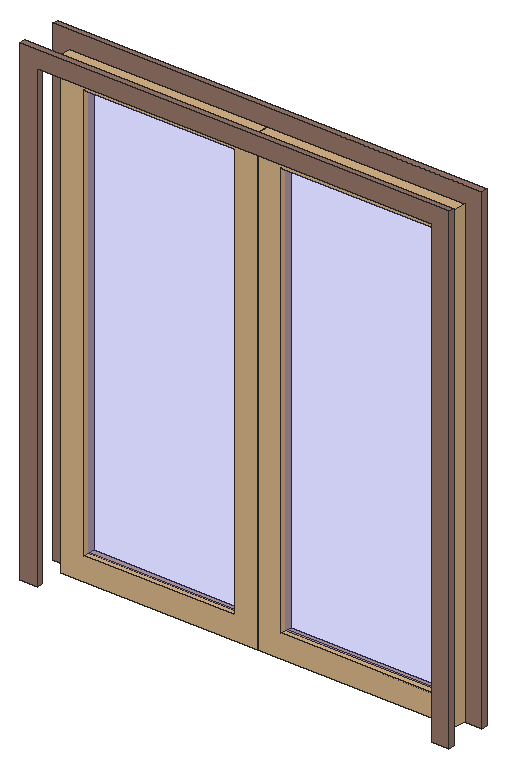
Revit family "bfa07379524e412dba8ba407fa7cc591", category Doors, host Wall, Revit 2021
Family settings
  Host = Wall
  Always vertical = Yes
  Cut with Voids When Loaded = No
  Shared = No
  Room Calculation Point = No
Parameters (values of type "68" x 80"")
  W = Width / 2  # 2' - 10"
  Visual Light Transmittance = 0
  Thickness = 0' - 2"
  Thermal Resistance (R) = 1.8150 (h·ft²·°F)/BTU
  Swing Angle [instance] = 90.00°
  Solar Heat Gain Coefficient = 0
  Glazing = Glass
  Define Thermal Properties by = Schematic Type
  Construction Type Id = "opn-d45"
  Heat Transfer Coefficient (U) = 0.5510 BTU/(h·ft²·°F)
  Function = Interior
  Assembly Code = "C1020"
  Panel Material = Wood - Birch - Solid Stained Light Low Gloss
  Trim Material = Paint - Sienna
  Height = 6' - 8"
  Bottom Rail = 0' - 4"
  Top Rail = 0' - 4"
  Stiles = 0' - 4"
  Trim Projection = 0' - 1"
  Trim Width = 0' - 3"
  Wall Closure = By host
  Width = 5' - 8"
  Analytic Construction = "Wood frame, double glass door "
Reference planes (in)
  plane 1 "Center (Front/Back)": y = 0
  plane 2: z = 0
  plane 3 "Center (Left/Right)": x = 0
  plane 4 "Left": x = -34
  plane 5 "Right": x = 34
  plane 6: z = 80
  plane 7: z = 4
  plane 8: z = 76
  plane 9: y = 37.09375
  plane 10: x = 30
  plane 11: x = 4
  plane 12: x = -4
  plane 13: x = -30
  plane 14: y = 3.09375
  plane 15 "Glass": y = 2.09375
  plane 16: y = 1.09375
Forms (in)
  Extrusion 1, solid, material "Wood - Birch - Solid Stained Light Low Gloss" <- "Panel Material"
    sketch origin (0, 0, 0) x (1, 0, 0) y (0, 0, 1)
      loop
        line (0, 80) -> (0, 0) -> (34, 0) -> (34, 80) -> (0, 80)
      loop
        line (4, 76) -> (4, 4) -> (30, 4) -> (30, 76) -> (4, 76)
    from -3.09375 to -1.09375
  Extrusion 2, solid, material "Glass" <- "Glazing"
    sketch origin (-39.89714, 2.09375, 48) x (-1, 0, 0) y (0, 0, 1)
      loop
        line (-35.89714, 28) -> (-35.89714, -44) -> (-9.89714, -44) -> (-9.89714, 28) -> (-35.89714, 28)
    from -0.125 to 0.125
  Extrusion 3, solid, material "Glass" <- "Glazing"
    sketch origin (-39.89714, 2.09375, 48) x (-1, 0, 0) y (0, 0, 1)
      loop
        line (-43.89714, 28) -> (-69.89714, 28) -> (-69.89714, -44) -> (-43.89714, -44) -> (-43.89714, 28)
    from -0.125 to 0.125
  Extrusion 4, solid, material "Paint - Sienna" <- "Trim Material", detail levels fine
    sketch origin (-93.06215, -2.90625, 0) x (1, 0, 0) y (0, 0, 1)
      loop
        line (127.06215, 0) -> (130.06215, 0) -> (130.06215, 83) -> (56.06215, 83) -> (56.06215, 0) -> (59.06215, 0) -> (59.06215, 80) -> (127.06215, 80) -> (127.06215, 0)
    from 0 to 1
  Extrusion 5, solid, material "Wood - Birch - Solid Stained Light Low Gloss" <- "Panel Material"
    sketch origin (0, 0, 0) x (-1, 0, 0) y (0, 0, -1)
      loop
        line (0, -80) -> (34, -80) -> (34, 0) -> (0, 0) -> (0, -80)
      loop
        line (4, -76) -> (30, -76) -> (30, -4) -> (4, -4) -> (4, -76)
    from -3.09375 to -1.09375
  Extrusion 6, solid, material "Paint - Sienna" <- "Trim Material", detail levels fine
    sketch origin (-60.55585, 3.09375, 48) x (-1, 0, 0) y (0, 0, 1)
      loop
        line (-94.55585, -48) -> (-94.55585, 32) -> (-26.55585, 32) -> (-26.55585, -48) -> (-23.55585, -48) -> (-23.55585, 35) -> (-97.55585, 35) -> (-97.55585, -48) -> (-94.55585, -48)
    from 0 to 1
Lines and regions (in)
  Opening 1
    outline origin (-60, -2.90625, 144) x (0, 0, -1) y (1, 0, 0)
      loop
        line (64, 26) -> (144, 26) -> (144, 94) -> (64, 94) -> (64, 26)
  model lines
    curve 1: line (0, 0, 80) -> (0, 0, 80)
    curve 2: line (0, 0, 80) -> (0, 0, 80)
    curve 3: line (0, 0, 80) -> (0, 0, 80)
    curve 4: line (0, 0, 80) -> (0, 0, 80)
  symbolic lines, style "Elevation Swing"
    curve 5: line (0, 0, 80) -> (-34, 0, 40)
    curve 6: line (0, 0, 0) -> (-34, 0, 40)
    curve 7: line (0, 0, 80) -> (34, 0, 40)
    curve 8: line (34, 0, 40) -> (0, 0, 0)
  model lines, style "DoorsGlassProjection"
    curve 9: line (30, 2.09375, 76) -> (30, 2.09375, 4)
    curve 10: line (4, 2.09375, 76) -> (4, 2.09375, 4)
    curve 11: line (-4, 2.09375, 76) -> (-4, 2.09375, 4)
    curve 12: line (-30, 2.09375, 76) -> (-30, 2.09375, 4)
Text (in)
  text "Exterior" at (-78.76614, 13.86463, 0), in view "Ground floor"
Dimensions and locks (in)
  equal spacing: plane 4 "Left", plane 3 "Center (Left/Right)", plane 5 "Right"
  "Width": plane 4 "Left" to plane 5 "Right"
  "Height": plane 6 to plane 2
  plane 2 to plane 6 = 6' - 8"
  "Trim Width": Extrusion 4 sketch curve to plane 5 "Right"
  "Trim Width": Extrusion 4 sketch curve to plane 4 "Left"
  "Trim Width": Extrusion 4 sketch curve to plane 6
  "Trim Projection": Extrusion 4 to Extrusion 4
  "Bottom Rail": plane 2 to plane 7
  "Top Rail": plane 8 to plane 6
  equal spacing: level, curve 8, plane 6
  equal spacing: level, curve 6, plane 6
  equal spacing: host wall, host wall, host wall
  "W": plane 9 to host wall
  "Stiles": plane 10 to plane 5 "Right"
  "Stiles": plane 4 "Left" to plane 13
  equal spacing: plane 12, plane 3 "Center (Left/Right)", plane 11
  "Stiles": plane 3 "Center (Left/Right)" to plane 11
  Extrusion 2 to Extrusion 2 = 0' - 0 1/4"
  equal spacing: plane 14, plane 15 "Glass", plane 16
  "Thickness": plane 16 to plane 14
  "Trim Projection": Extrusion 6 to Extrusion 6
  "Trim Width": plane 5 "Right" to Extrusion 6 sketch curve
  "Trim Width": Extrusion 6 sketch curve to plane 4 "Left"
  "Trim Width": plane 6 to Extrusion 6 sketch curve
  aligned and locked: level to Extrusion 4 sketch curve
  aligned and locked: plane 2 to Extrusion 4 sketch curve
  aligned and locked: plane 6 to Extrusion 4 sketch curve  (x2)
  aligned and locked: plane 5 "Right" to Extrusion 4 sketch curve
  aligned and locked: host wall to Extrusion 1
  aligned and locked: Extrusion 1 sketch curve to plane 5 "Right"
  aligned and locked: Extrusion 1 sketch curve to plane 10
  aligned and locked: Extrusion 1 sketch curve to plane 11
  aligned and locked: Extrusion 1 sketch curve to plane 6
  aligned and locked: Extrusion 1 sketch curve to plane 8
  aligned and locked: Extrusion 1 sketch curve to plane 7
  aligned and locked: plane 2 to Extrusion 1 sketch curve
  aligned and locked: nested 1 to plane 5 "Right"
  aligned and locked: plane 14 to host wall
  aligned and locked: nested 1 to plane 14
  aligned and locked: plane 14 to nested 2
  aligned and locked: nested 2 to plane 4 "Left"
  aligned and locked: plane 3 "Center (Left/Right)" to Extrusion 1 sketch curve
  aligned and locked: plane 6 to Extrusion 5 sketch curve
  aligned and locked: plane 3 "Center (Left/Right)" to Extrusion 5 sketch curve
  aligned and locked: Extrusion 5 sketch curve to plane 4 "Left"
  aligned and locked: Extrusion 5 sketch curve to plane 2
  aligned and locked: plane 7 to Extrusion 5 sketch curve
  aligned and locked: Extrusion 5 sketch curve to plane 12
  aligned and locked: Extrusion 5 sketch curve to plane 13
  aligned and locked: plane 8 to Extrusion 5 sketch curve
  aligned and locked: Extrusion 5 to plane 14
  aligned and locked: Extrusion 5 to Extrusion 1
  aligned and locked: plane 16 to Extrusion 5
  aligned and locked: plane 16 to Extrusion 1
  aligned and locked: curve 10 to plane 11
  aligned and locked: curve 11 to plane 12
  aligned and locked: curve 12 to plane 13
  aligned and locked: plane 8 to curve 9
  aligned and locked: plane 8 to curve 10
  aligned and locked: plane 8 to curve 11
  aligned and locked: plane 8 to curve 12
  aligned and locked: plane 7 to curve 9
  aligned and locked: plane 7 to curve 10
  aligned and locked: plane 7 to curve 11
  aligned and locked: plane 7 to curve 12
  aligned and locked: curve 9 to plane 10
  aligned and locked: Extrusion 6 sketch curve to plane 5 "Right"
  aligned and locked: Extrusion 6 sketch curve to plane 6
  aligned and locked: plane 4 "Left" to Extrusion 6 sketch curve
Automatic sketch dimensions
  curve 1 to plane 3 "Center (Left/Right)" = 0' - 0"  (x2)
  curve 1 to plane 6 = 0' - 0"  (x2)
  curve 2 to plane 3 "Center (Left/Right)" = 0' - 0"
  curve 2 to plane 6 = 0' - 0"
  curve 3 to plane 3 "Center (Left/Right)" = 0' - 0"
  curve 3 to plane 6 = 0' - 0"
  curve 5 to plane 3 "Center (Left/Right)" = 0' - 0"
  curve 5 to plane 6 = 0' - 0"
  curve 8 to level = 0' - 0"
  plane 4 "Left" to curve 6 = 0' - 0"
  curve 6 to plane 3 "Center (Left/Right)" = 0' - 0"
  plane 5 "Right" to curve 8 = 0' - 0"
  plane 5 "Right" to Opening 1 sketch curve = 0' - 0"
  Opening 1 sketch curve to plane 6 = 0' - 0"
  Opening 1 sketch curve to level = 0' - 0"
  plane 4 "Left" to Opening 1 sketch curve = 0' - 0"
  Extrusion 2 sketch curve to plane 7 = 0' - 0"
  plane 12 to Extrusion 2 sketch curve = 0' - 0"
  plane 13 to Extrusion 2 sketch curve = 0' - 0"
  Extrusion 2 sketch curve to plane 8 = 0' - 0"
  Extrusion 3 sketch curve to plane 8 = 0' - 0"
  plane 10 to Extrusion 3 sketch curve = 0' - 0"
  Extrusion 3 sketch curve to plane 7 = 0' - 0"
  plane 11 to Extrusion 3 sketch curve = 0' - 0"
  Extrusion 6 sketch curve to level = 0' - 0"  (x2)
  plane 4 "Left" to Extrusion 4 sketch curve = 0' - 0"
Nested families (in)
  nested 1: "Door Swing-Single" at (34, 3.09375, 0), Swing Angle <- "Swing Angle", type "Single"
    with Swing Visible yes, Swing Angle 90.00°, Actual Angle 90.00°
  nested 2: "Door Swing-Single" at (-34, 3.09375, 0) x (-1, 0, 0) z (0, 0, 1), Swing Angle <- "Swing Angle", type "Single"
    with Swing Visible yes, Swing Angle 90.00°, Actual Angle 90.00°
Definition of nested family "Door Swing-Single"
  Parameters
    Width = 3' - 0"
    Thickness = 0' - 1 3/4"
    Swing Visible [instance] = Swing Angle > 1.00°  # yes
    Swing Angle [instance] = 45.00°
    Assembly Code = ""
    Analytic Construction = "<None>"
    Actual Angle [instance] = if(Swing Angle < 1.00°, 1.00°, Swing Angle)  # 45.00°
  Reference planes (in)
    plane 1 "Center (Front/Back)": y = 0
    plane 2: z = 0
    plane 3 "Center (Left/Right)": x = 0
    plane 4: x = -36
  Lines and regions (in)
    Masking region 1
      outline origin (0, 0, 0) x (-0.707107, 0.707107, 0) y (-0.707107, -0.707107, 0)
        loop
          line (0, 0) -> (36, 0) -> (36, 1.75) -> (0, 1.75) -> (0, 0)
    symbolic lines
      curve 1: line (0, 0, 0) -> (-36, 0, 0)
    symbolic lines, visible <- "Swing Visible"
      curve 2: arc (-36, 0, 0) -> (-33.25966, 13.7766, 0) -> (-25.45584, 25.45584, 0) r 36
    reference lines
      curve 3: line (0, 0, 0) -> (-25.45584, 25.45584, 0)
    model lines
      curve 4: line (0, 0, 0) -> (0, 0, 1)
  Dimensions and locks (in)
    "Width": plane 4 to plane 3 "Center (Left/Right)"
    locked: curve 2 to plane 3 "Center (Left/Right)"
    locked: curve 2 to plane 1 "Center (Front/Back)"
    "Width": curve 3 to curve 3
    "Thickness": Masking region 1 sketch curve to Masking region 1 sketch curve
    locked: curve 4 to plane 2 at 1
    "Width": radius of curve 2
    "Actual Angle": angle curve 2 to curve 2
    "Swing Angle": angle curve 3 to plane 1 "Center (Front/Back)"
    aligned and locked: curve 1 to plane 1 "Center (Front/Back)"
    aligned and locked: plane 3 "Center (Left/Right)" to curve 1
    aligned and locked: plane 3 "Center (Left/Right)" to curve 3
    aligned and locked: plane 1 "Center (Front/Back)" to curve 3
    aligned and locked: curve 3 to Masking region 1 sketch curve
    aligned and locked: Masking region 1 sketch curve to curve 3  (x2)
    aligned and locked: plane 3 "Center (Left/Right)" to curve 4
    aligned and locked: plane 2 to curve 4
